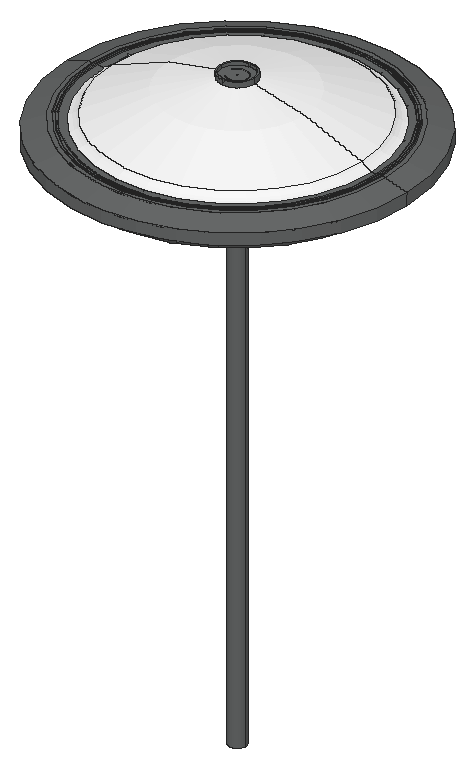
Revit family "PGL8_Pendant", category Lighting Fixtures, host Face, Revit 2021
Family settings
  Host = Face
  Round Connector Dimension = Use Diameter
  Part Type = Normal
  OmniClass Number = 23.80.70.00
  OmniClass Title = Lighting
  Cut with Voids When Loaded = No
  Light Source = Yes
  Shared = No
  Room Calculation Point = No
Parameters
  Width = 15.88"
  Wattage = 111.6 W
  Warranty = "5 Years Limited Warranty"
  built-in parameter 1150110 = 1 (stored number, unit not read)
  URL = "https://www.currentlighting.com/kimlighting"
  Type Comments = "Light Fixture"  # constant formula
  built-in parameter 1114217 = 1 (stored number, unit not read)
  Tilt Angle = -90.00°
  built-in parameter 1150109 = 1 (stored number, unit not read)
  built-in parameter 1150134 = 3
  built-in parameter 1150113 = 1 (stored number, unit not read)
  Product page URL = ""
  Product Documentation = ""
  Power Factor = "0.90"
  Photometric Web File = "PGL8-5C-128L-110-3K7.ies"
  Mounting Height = 21.46"
  Model = "PGL8"  # constant formula
  Manufacturer = "KIM LIGHTING"  # constant formula
  built-in parameter 1150105 = 950.25 (stored number, unit not read)
  Lumens = 11941.2 lm
  built-in parameter 1150115 = 1 (stored number, unit not read)
  built-in parameter 1150137 = (empty or 0)
  built-in parameter 1150139 = (empty or 0)
  built-in parameter 1150112 = 1 (stored number, unit not read)
  built-in parameter 1150114 = 1 (stored number, unit not read)
  Lamp = "LED"
  built-in parameter 1150132 = (empty or 0)
  built-in parameter 1150102 = (empty or 0)
  built-in parameter 1150107 = 3200 (stored number, unit not read)
  built-in parameter 1150138 = (empty or 0)
  built-in parameter 1150106 = 9.5025 (stored number, unit not read)
  IP Rating = "IP 65"
  Housing = Paint -  Basic Black Textured
  Glass = Paint -  Matte White
  Features = "Patent pending edge-lit, drop lens optic\r\n• The PGL8 offers exceptional uniformity and visual comfort with four\r\nstandard distribution patterns\r\n• Multiple control options available for an intelligent parking garage\r\nlighting solution\r\n• Integral sensors, battery backup and uplight"  # constant formula
  Emit from Circle Diameter = 14.00"
  Emit Shape Visible in Rendering = no
  built-in parameter 1150104 = 9.9406 (stored number, unit not read)
  Distribution = "Type V Concentrated, Type V Square, Type V Rectangular, Asymmetric"  # constant formula
  Dimming Lamp Color Temperature Shift = <None>
  Dimming Interface = "0-10V"
  Description = "The legacy of the PGL continues with the PGL8 edge-lit with drop lens. The PGL8 provides effective solutions for meeting the dynamics and challenges of parking garage applications including IES recommendations. The drop lens reduces glare providing exceptional visual comfort and performance, making the PGL8 the ideal solution for parking garage and canopy applications."  # constant formula
  Default Elevation = 48.00"
  Contact us = ""
  Color Filter = 16777215
  Certifications = "UL listed"
  built-in parameter 1114218 = 1 (stored number, unit not read)
  built-in parameter 1150133 = 10 (stored number, unit not read)
  Assembly Code = "D5020200"
Reference planes (in)
  plane 1 "Center (Front/Back)": y = 0
  plane 2: z = 0
  plane 3 "Center (Left/Right)": x = 0
  plane 4: x = -7.94
  plane 5: x = 7.94
  plane 6: z = -2.29
  plane 7: z = 2.47
  plane 8: z = 3.84
  plane 9: x = 7.94141
  plane 10: x = -7.44141
  plane 11: x = -5
  plane 12: x = 5
  plane 13: z = 21.46
  plane 14: z = 24
  plane 15: z = 26.12156
  plane 16: z = 28.02156
  plane 17: z = 28.72843
Forms (in)
  Revolve 1, solid, material "Paint -  Basic Black Textured" <- "Housing"
    sketch origin (0, 0, 24.25) x (1, 0, 0) y (0, 0, 1)
      loop
        line (6.96971, 1.90281) -> (6.79461, 1.90281) -> (6.79461, 1.87023) -> (6.7505, 1.87023) -> (6.7505, 1.90281) -> (6.69373, 1.90281) -> (6.69373, 1.87023) -> (6.64962, 1.87023) -> (6.64962, 1.90281) -> (6.5918, 1.90281) -> (6.5918, 1.87023) -> (6.54769, 1.87023) -> (6.54769, 1.90281) -> (0, 1.90281) -> (0, -0.25) -> (5.5, -0.25)
        arc (5.5, -0.25) -> (6.77401, 0.312) -> (7.9446, 1.0661) r 8.88724
        line (7.9446, 1.0661) -> (7.9446, 1.59575) -> (6.96971, 1.90281)
      axis (0, 1.90281) -> (0, -0.25)
    angle from 0 to 360
  Revolve 2, solid, material "Paint -  Matte White" <- "Glass"
    sketch origin (0, 0, 21.90625) x (1, 0, 0) y (0, 0, 1)
      loop
        line (0, 6.16733) -> (0, 4.21531) -> (6.46971, 4.21531)
        arc (6.46971, 4.21531) -> (6.11031, 4.29235) -> (5.81407, 4.50993) r 0.87683
        arc (5.81407, 4.50993) -> (2.98188, 5.60119) -> (0, 6.16733) r 16.87083
      axis (0, 6.16733) -> (0, 4.21531)
    angle from 0 to 360
  Revolve 3, solid, material "Paint -  Basic Black Textured" <- "Housing"
    sketch origin (0, 0, 25) x (1, 0, 0) y (0, 0, 1)
      loop
        line (0.808, 2.88857) -> (0.808, 3.15313) -> (0.02418, 3.15313) -> (0.02418, 2.98132)
        arc (0.02418, 2.98132) -> (0.41671, 2.94014) -> (0.808, 2.88857) r 14.88215
      loop
        line (0, -1) -> (0, -3.54) -> (1.14909, -3.54)
        arc (1.14909, -3.54) -> (2.86843, -2.16906) -> (4.90503, -1.33967) r 7.70432
        line (4.90503, -1.33967) -> (4.90503, -1) -> (0, -1)
      axis (0, 3.15313) -> (0, -3.54)
    angle from 0 to 360
  Extrusion 4, void
    sketch origin (0, 0, 25) x (1, 0, 0) y (0, 1, 0)
      loop
        line (-0.04014, 0.92024) -> (-0.04014, 0.74881)
        arc (-0.04014, 0.74881) -> (-0.52954, 0.52803) -> (-0.74233, 0.03511) r 0.74286
        line (-0.74233, 0.03511) -> (-0.91723, 0.03511) -> (-0.91723, -0.03712) -> (-0.74155, -0.03712)
        arc (-0.74155, -0.03712) -> (-0.521, -0.5225) -> (-0.03209, -0.73513) r 0.74286
        line (-0.03209, -0.73513) -> (-0.03209, -0.91421) -> (0.04014, -0.91421) -> (0.04014, -0.73474)
        arc (0.04014, -0.73474) -> (0.52671, -0.51682) -> (0.74198, -0.02908) r 0.74286
        line (0.74198, -0.02908) -> (0.91723, -0.02908) -> (0.91723, 0.04315) -> (0.74198, 0.04315)
        arc (0.74198, 0.04315) -> (0.52386, 0.53374) -> (0.03209, 0.74921) r 0.74286
        line (0.03209, 0.74921) -> (0.03209, 0.92024) -> (-0.04014, 0.92024)
    from 3.02156 to 3.72843
  Extrusion 5, solid, material "Paint -  Basic Black Textured" <- "Housing"
    sketch origin (0, 0, 0) x (1, 0, 0) y (0, 1, 0)
      loop
        circle (0, 0) r 0.375
    from 0 to 21.46
Cuts and joins
  Extrusion 4 cuts Revolve 2
  Extrusion 4 cuts Revolve 3
Dimensions and locks (in)
  equal spacing: plane 4, plane 3 "Center (Left/Right)", plane 5
  "Width": plane 4 to plane 5
  "Mounting Height": plane 13 to host face
  locked: plane 14 to plane 13 at 2.54
  locked: plane 15 to plane 14 at 2.12156
  locked: plane 17 to plane 16 at 0.70687
  locked: plane 16 to plane 15 at 1.9
  aligned and locked: plane 2 to host face
  aligned and locked: level to host face
  aligned and locked: cut or joined group of Revolve 3, Extrusion 4 to Extrusion 5
  aligned and locked: plane 13 to cut or joined group of Revolve 3, Extrusion 4
  aligned and locked: cut or joined group of Revolve 3, Extrusion 4 to cut or joined group of Revolve 3, Extrusion 4
  aligned and locked: Revolve 1 to plane 14
  aligned and locked: cut or joined group of Revolve 2, Extrusion 4 to plane 15
  aligned and locked: plane 16 to Extrusion 4
  aligned and locked: Extrusion 4 to plane 17
  aligned and locked: imposter light to plane 17
Automatic sketch dimensions
  host sketch curve to host sketch curve = 96.00"  (x2)
  Revolve 1 sketch curve to plane 3 "Center (Left/Right)" = 0.00"  (x2)
  plane 3 "Center (Left/Right)" to Revolve 1 sketch curve = 2.56112"
  Revolve 1 sketch curve to plane 5 = 2.44"
  Revolve 1 sketch curve to plane 5 = 1.39231"
  Revolve 1 sketch curve to Revolve 1 sketch curve = 0.04411"  (x3)
  Revolve 1 sketch curve to Revolve 1 sketch curve = 0.05782"
  Revolve 1 sketch curve to Revolve 1 sketch curve = 0.05677"
  Revolve 1 sketch curve to Revolve 1 sketch curve = 0.17509"
  plane 9 to Revolve 1 sketch curve = 0.00319"
  Revolve 1 sketch curve to plane 8 = 20.16"
  Revolve 1 sketch curve to Revolve 1 sketch curve = 1.3161"
  Revolve 1 sketch curve to Revolve 1 sketch curve = 0.52965"
  Revolve 1 sketch curve to Revolve 1 sketch curve = 0.27448"
  Revolve 1 sketch curve to Revolve 1 sketch curve = 0.00"  (x2)
  Revolve 1 sketch curve to Revolve 1 sketch curve = 0.03258"  (x4)
  Revolve 1 sketch curve to plane 8 = 3.41"
  Revolve 1 sketch curve to Revolve 1 sketch curve = 22.54147"
  Revolve 2 sketch curve to plane 3 "Center (Left/Right)" = 0.00"  (x2)
  Revolve 2 sketch curve to plane 3 "Center (Left/Right)" = 1.6432"
  Revolve 2 sketch curve to plane 5 = 1.47029"
  Revolve 2 sketch curve to plane 8 = 7.44297"
  Revolve 2 sketch curve to Revolve 2 sketch curve = 14.83859"
  Revolve 2 sketch curve to Revolve 2 sketch curve = 0.87683"
  Revolve 2 sketch curve to Revolve 2 sketch curve = 1.95202"
  Revolve 2 sketch curve to Revolve 2 sketch curve = 5.71531"
  Revolve 2 sketch curve to Revolve 2 sketch curve = 2.83267"
  Revolve 3 sketch curve to plane 3 "Center (Left/Right)" = 0.00"  (x2)
  Revolve 3 sketch curve to plane 3 "Center (Left/Right)" = 1.33212"
  plane 3 "Center (Left/Right)" to Revolve 3 sketch curve = 0.02418"
  Revolve 3 sketch curve to Revolve 3 sketch curve = 0.78382"
  plane 3 "Center (Left/Right)" to Revolve 3 sketch curve = 1.14909"
  Revolve 3 sketch curve to plane 12 = 0.09497"
  Revolve 3 sketch curve to plane 5 = 1.17723"
  Revolve 3 sketch curve to plane 8 = 9.3211"
  Revolve 3 sketch curve to Revolve 3 sketch curve = 3.02224"
  Revolve 3 sketch curve to Revolve 3 sketch curve = 5.27667"
  Revolve 3 sketch curve to Revolve 3 sketch curve = 2.54"
  Revolve 3 sketch curve to Revolve 3 sketch curve = 3.88857"
  Revolve 3 sketch curve to Revolve 3 sketch curve = 0.26456"
  Revolve 3 sketch curve to Revolve 3 sketch curve = 0.01868"
  Revolve 3 sketch curve to Revolve 3 sketch curve = 6.34687"
  Extrusion 4 sketch curve to Extrusion 4 sketch curve = 0.00"  (x13)
  Extrusion 4 sketch curve to plane 3 "Center (Left/Right)" = 0.00"
  Extrusion 4 sketch curve to plane 3 "Center (Left/Right)" = 0.03209"
  Extrusion 4 sketch curve to plane 3 "Center (Left/Right)" = 0.04014"
  plane 1 "Center (Front/Back)" to Extrusion 4 sketch curve = 0.03712"
  Extrusion 4 sketch curve to plane 3 "Center (Left/Right)" = 0.74155"
  Extrusion 4 sketch curve to plane 1 "Center (Front/Back)" = 0.03511"
  Extrusion 4 sketch curve to Extrusion 4 sketch curve = 0.00078"
  Extrusion 4 sketch curve to Extrusion 4 sketch curve = 0.17568"
  plane 3 "Center (Left/Right)" to Extrusion 4 sketch curve = 0.03209"
  plane 3 "Center (Left/Right)" to Extrusion 4 sketch curve = 0.04014"
  Extrusion 4 sketch curve to plane 1 "Center (Front/Back)" = 0.04315"
  plane 3 "Center (Left/Right)" to Extrusion 4 sketch curve = 0.74198"
  plane 1 "Center (Front/Back)" to Extrusion 4 sketch curve = 0.02908"
  Extrusion 4 sketch curve to Extrusion 4 sketch curve = 0.17524"
  plane 1 "Center (Front/Back)" to Extrusion 4 sketch curve = 0.73474"
  Extrusion 4 sketch curve to Extrusion 4 sketch curve = 0.17947"
  Extrusion 4 sketch curve to Extrusion 4 sketch curve = 0.17143"
  plane 1 "Center (Front/Back)" to Extrusion 5 sketch curve = 0.00"
  Extrusion 5 sketch curve to plane 3 "Center (Left/Right)" = 0.00"
  radius of Extrusion 5 sketch curve = 0.375"
Connectors (in)
  electrical at (0, 0, 0)
    settings: on Extrusion 5, index 1, voltage 120 V, apparent load 100 VA, apparent load phase1 0 VA, apparent load phase2 0 VA, apparent load phase3 0 VA, power factor 0.9, load classification "Other", number of poles 1, system type 30, power factor state 1, is connector primary yes, connector utility no, sub classification motor no, connector description "Lighting Connector"
